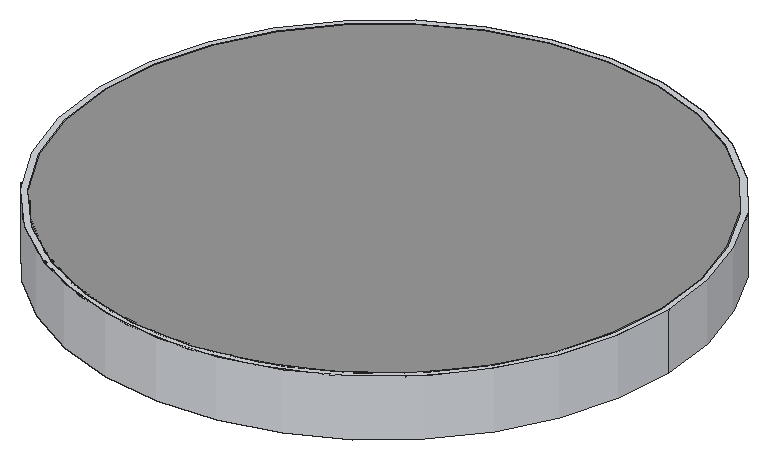
Revit family "2071165", category Lighting Fixtures, host Face, Revit 2018
Family settings
  Host = Face
  Round Connector Dimension = Use Diameter
  Part Type = Normal
  OmniClass Number = 23.80.70.00
  OmniClass Title = Lighting
  Cut with Voids When Loaded = No
  Light Source = Yes
  Shared = No
  Room Calculation Point = No
Parameters (values of type "2071165 COLOSSAL 600 830 OP DIR WHT SSA02")
  iner diameter = 588 mm
  Weight = "n/a"
  Wattage Comments = ""
  Wattage = 30 W
  WarrantyStartDate [instance] = "n/a"
  WarrantyGuarantorParts = "n/a"
  WarrantyDurationUnit = "n/a"
  WarrantyDurationParts = ""
  WarrantyDescription = "http://www.sylvania-lighting.com"
  built-in parameter 1150110 = 1 (stored number, unit not read)
  Voltage = 230 V
  URL = "0.95"
  TypeName = "COLOSSAL 600mm 830 OPAL DIR WHITE SSA02"
  Type Image = <None>
  Type Comments = "n/a"
  built-in parameter 1114217 = 1 (stored number, unit not read)
  Tilt Angle = -90.00°
  built-in parameter 1150109 = 1 (stored number, unit not read)
  built-in parameter 1150134 = (empty or 0)
  built-in parameter 1150113 = 1 (stored number, unit not read)
  SerialNumber [instance] = "n/a"
  Photometric Web File = "2071165.ies"
  Material_3_SYL = LED-Sylvania
  PowerFactor = 0
  PowerConsumption = "Lighting"
  NominalLength = 600 mm
  NominalHeight = 93 mm
  NominalDepth = 600 mm
  Name = "COLOSSAL 600mm 830 OPAL DIR WHITE SSA02"
  ModelReference = Name  # "COLOSSAL 600mm 830 OPAL DIR WHITE SSA02"
  ModelNumber = "2071165"
  Model = Name  # "COLOSSAL 600mm 830 OPAL DIR WHITE SSA02"
  Material = "Feilo Sylvania"
  ManufacturerName = "128 lm/W"
  Manufacturer = ""
  LuminousEfficacy = ""
  built-in parameter 1150105 = 270.44 (stored number, unit not read)
  Lumens = 3398.4 lm
  LuminaireType = "0"
  built-in parameter 1150115 = 1 (stored number, unit not read)
  LightOutputRatio = "LED"
  built-in parameter 1150137 = (empty or 0)
  built-in parameter 1150139 = (empty or 0)
  LampsType = Lamp  # "n/a"
  LampNominalLuminous = "3000 K"
  LampMacAdamStep = "80"
  LampColourTemperature = "LED"
  LampColourRenderingIndex = "16500"
  built-in parameter 1150112 = 1 (stored number, unit not read)
  built-in parameter 1150114 = 1 (stored number, unit not read)
  Lamp = "n/a"
  Keynote = "n/a"
  InstallationDate [instance] = "n/a"
  InputVoltage = "0"
  InputNominalFrequency = "3000"
  built-in parameter 1150132 = (empty or 0)
  built-in parameter 1150102 = (empty or 0)
  built-in parameter 1150107 = 3000 (stored number, unit not read)
  built-in parameter 1150138 = (empty or 0)
  IngressProtection = "IfcLightFixtureType"
  ImpactProtectionIndex = "IfcLightFixtureType"
  built-in parameter 1150106 = 2.7044 (stored number, unit not read)
  IfcExportType = "IfcLightFixtureType"
  IfcExportAs = "Class I"
  Emit from Circle Diameter = 385 mm
  Emit Shape Visible in Rendering = no
  ElectricShockClassification = "128"
  built-in parameter 1150104 = 10.524 (stored number, unit not read)
  DocumentationLiterature = "http://www.sylvania-lighting.com/product/en-int/products/2071165"
  DimmingControlOptions = "n/a"
  Material_2_SYL = Polycarbonate_Sylvania_White
  Dimming Lamp Color Temperature Shift = <None>
  Description = "600mm diameter circular architectural luminaire, can be surface mounted or suspended. Powder coated aluminium housing (RAL9016) with polycarbonate opal diffuser. Direct light distribution, 5075lm luminuous flux, 39.7W system power, 128lm/W luminiaire efficacy. Sylsmart Connected enabled. Colour rendering index Ra >80, 3000K Warm White LED, chromaticity tolerance of 3-step MacAdam ellipse. IP40, IK03. 450mA drive current. Electrical protection Class1, 220-240V. Reported lifetime 66k hours L90B10."
  Default Elevation = 1219.2 mm
  CreatedOn = "23/03/2022"
  CreatedBy = "@sylvania-lighting.com"
  Cost = 0
  Color Filter = 16777215
  built-in parameter 1114216 [instance] = (empty or 0)
  ClassificationValue = "EF_70_80"
  ClassificationName = "Uniclass2015"
  Material_1_SYL = Polycarbonate_Sylvania_Opal
  BarCode [instance] = "n/a"
  built-in parameter 1114218 = 1 (stored number, unit not read)
  built-in parameter 1150133 = 10 (stored number, unit not read)
  AssetType = "Fixed"
  AssetIdentifier [instance] = "n/a"
  Assembly Code = "D5020200"
  Apparent Load = 39.7 VA
  Material_4_SYL = none
Reference planes
  plane 1 "Center (Front/Back)": y = 0
  plane 2: z = 0
  plane 3 "Center (Left/Right)": x = 0
  plane 4: x = -300
  plane 5: x = 300
  plane 6: y = 300
  plane 7: y = -300
  plane 8: y = 212
  plane 9: y = -212
  plane 10: z = 93
  plane 11: y = 294
  plane 12: y = -294
  plane 13: through (0, 0, 1219.2) normal (0.5, -0.866, 0)
  plane 14: through (-134.29, 20.617, 1219.2) normal (0.5, -0.866, 0)
  plane 15: through (-144.685, -181.683, 1219.2) normal (-0.5, 0.866, 0)
  plane 16: through (0, 0, 1219.2) normal (0.5, 0.866, 0)
  plane 17: through (178.555, -4.939, 1219.2) normal (0.5, 0.866, 0)
  plane 18: through (87.581, -148.715, 1219.2) normal (0.5, 0.866, 0)
  plane 19: y = 272
  plane 20: through (105.168, 227.067, 1219.2) normal (0.866, 0.5, 0)
  plane 21: through (-104.171, 225.672, 1219.2) normal (0.8572, -0.515, 0)
  plane 22: y = -204.612
  plane 23: through (-296.643, -30.2, 1219.2) normal (0.866, 0.5, 0)
  plane 24: through (153.092, -278.837, 1219.2) normal (-0.866, 0.5, 0)
Forms (mm)
  Extrusion 1, solid, detail levels medium+fine
    sketch origin (0, 0, 0) x (1, 0, 0) y (0, 1, 0)
      loop
        circle (0, 0) r 300
    from 33.023 to 93
  Extrusion 2, void
    sketch origin (0, 0, 0) x (1, 0, 0) y (0, 1, 0)
      loop
        circle (0, 0) r 294
    from 93 to 37.292
  Extrusion 3, solid, material "Glass, White, High Luminance", detail levels fine
    sketch origin (0, 0, 0) x (1, 0, 0) y (0, 1, 0)
      loop
        circle (0, 0) r 294
    from 88.026 to 93
  Extrusion 4, solid, detail levels coarse
    sketch origin (0, 0, 0) x (1, 0, 0) y (0, 1, 0)
      loop
        line (-300, 300) -> (-300, -300) -> (300, -300) -> (300, 300) -> (-300, 300)
    from 0 to 93
  Blend 5, solid, detail levels medium+fine
    base sketch origin (0, 0, 0) x (1, 0, 0) y (0, 1, 0)
      loop
        line (-76.334, 272) -> (-277.665, -63.07) -> (-195.946, -204.612) -> (195.946, -204.612) -> (275.172, -67.388) -> (79.226, 272) -> (-76.334, 272)
    top sketch origin (0, 0, 0) x (1, 0, 0) y (0, 1, 0)
      loop
        line (-226.097, -32.388) -> (-141.097, -179.612) -> (141.097, -179.612) -> (226.097, -32.388) -> (85, 212) -> (-85, 212) -> (-226.097, -32.388)
    from 33.023 to 0
Cuts and joins
  Extrusion 2 cuts Extrusion 1
Lines and regions (mm)
  model lines
    curve 1: line (-85, 212, 0) -> (0, 212, 0)
    curve 2: line (0, 212, 0) -> (85, 212, 0)
Dimensions and locks
  "NominalDepth": plane 6 to plane 7
  "NominalLength": plane 4 to plane 5
  equal spacing: plane 4, plane 3 "Center (Left/Right)", plane 5
  "iner diameter": plane 11 to plane 12
  equal spacing: plane 11, plane 1 "Center (Front/Back)", plane 12
  equal spacing: plane 6, plane 1 "Center (Front/Back)", plane 7
  "NominalHeight": plane 10 to level
  radius of Extrusion 2 sketch curve = 294 mm
  aligned and locked: plane 2 to host face
  aligned and locked: level to host face
Automatic sketch dimensions
  host sketch curve to host sketch curve = 2438.4 mm  (x2)
  plane 1 "Center (Front/Back)" to Extrusion 1 sketch curve = 0 mm
  Extrusion 1 sketch curve to plane 3 "Center (Left/Right)" = 0 mm
  plane 1 "Center (Front/Back)" to Extrusion 2 sketch curve = 0 mm
  Extrusion 2 sketch curve to plane 3 "Center (Left/Right)" = 0 mm
  plane 1 "Center (Front/Back)" to Extrusion 3 sketch curve = 0 mm
  Extrusion 3 sketch curve to plane 3 "Center (Left/Right)" = 0 mm
  Extrusion 4 sketch curve to plane 4 = 0 mm
  Extrusion 4 sketch curve to plane 5 = 0 mm
  Extrusion 4 sketch curve to plane 7 = 0 mm
  Extrusion 4 sketch curve to plane 6 = 0 mm
  Blend 5 sketch curve to plane 8 = 0 mm
  Blend 5 sketch curve to plane 3 "Center (Left/Right)" = 85 mm
  plane 3 "Center (Left/Right)" to Blend 5 sketch curve = 85 mm
  plane 9 to Blend 5 sketch curve = 32.388 mm
  plane 3 "Center (Left/Right)" to Blend 5 sketch curve = 141.097 mm
  plane 1 "Center (Front/Back)" to Blend 5 sketch curve = 32.388 mm  (x2)
  Blend 5 sketch curve to plane 5 = 73.903 mm
  Blend 5 sketch curve to plane 3 "Center (Left/Right)" = 141.097 mm
  plane 4 to Blend 5 sketch curve = 73.903 mm
  curve 1 to plane 8 = 0 mm
  curve 2 to plane 3 "Center (Left/Right)" = 0 mm
  curve 1 to plane 3 "Center (Left/Right)" = 85 mm
  curve 1 to curve 2 = 85 mm
  Blend 5 sketch curve to plane 21 = 0 mm
  Blend 5 sketch curve to plane 23 = 0 mm  (x2)
  Blend 5 sketch curve to plane 22 = 0 mm
  Blend 5 sketch curve to plane 19 = 0 mm
  plane 21 to Blend 5 sketch curve = 0 mm
  Blend 5 sketch curve to plane 20 = 0 mm  (x2)
  Blend 5 sketch curve to plane 24 = 0 mm  (x2)
  radius of Extrusion 1 sketch curve = 300 mm
  radius of Extrusion 3 sketch curve = 294 mm
Connectors
  electrical at (0, 0, 0), driven by "Apparent Load", driven by "PowerFactor", driven by "Voltage"
    settings: index 1, voltage 230 V, apparent load 39.7 VA, apparent load phase1 0 VA, apparent load phase2 0 VA, apparent load phase3 0 VA, power factor 0, load classification "Lighting", number of poles 1, system type 30, power factor state 1, is connector primary yes, connector utility no, sub classification motor no, connector description ""
